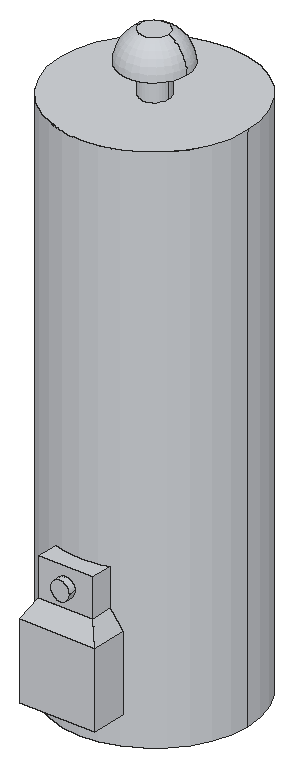
Revit family "619658830c0f4616b333bd44c138f1b0", category Mechanical Equipment, Revit 2021
Family settings
  Round Connector Dimension = Use Radius
  Part Type = Normal
  OmniClass Number = 23.65.35.11.11
  OmniClass Title = Storage Water Heaters
  Seek Item ID = Water Heater-0000-USA-ENU
  Work Plane-Based = No
  Always vertical = Yes
  Cut with Voids When Loaded = No
  Shared = No
  Room Calculation Point = No
Parameters (values of type "40 Gallon")
  Water Heater Radius = 0' - 10"
  Water Heater Material = none
  Water Heater Height = 4' - 9"
  Sanitary Radius = 1/4"
  Sanitary Diameter = Sanitary Radius * 2  # 1/2"
  Voltage = 240 V
  Vent Radius = 1 1/2"
  Vent Diameter = Vent Radius * 2  # 3"
  Number of Poles = 2
  Load Classification = Appliance - Dwelling Unit
  Hot Water Radius = 3/8"
  Hot Water Diameter = Hot Water Radius * 2  # 3/4"
  Default Elevation = 0' - 0"
  Cold Water Radius = 3/8"
  Cold Water Diameter = Cold Water Radius * 2  # 3/4"
  Apparent Load = 4500 VA
Types (5): name | Water Heater Radius | Water Heater Height | Vent Radius | Vent Diameter | Hot Water Radius | Hot Water Diameter | Cold Water Radius | Cold Water Diameter
  (no name) | 0' - 10" | 4' - 9" | 1 1/2" | 3" | 3/8" | 3/4" | 3/8" | 3/4"
  40 Gallon | 0' - 10" | 4' - 9" | 1 1/2" | 3" | 3/8" | 3/4" | 3/8" | 3/4"
  50 Gallon | 0' - 11" | 4' - 9 3/4" | 1 1/2" | 3" | 3/8" | 3/4" | 3/8" | 3/4"
  75 Gallon | 1' - 0 3/4" | 4' - 10 3/4" | 2" | 4" | 1/2" | 1" | 1/2" | 1"
  100 Gallon | 1' - 1 1/4" | 5' - 6 3/4" | 2" | 4" | 5/8" | 1 1/4" | 5/8" | 1 1/4"
Reference planes (in)
  plane 1 "Center (Front/Back)": y = 0
  plane 2: z = 0
  plane 3 "Center (Left/Right)": x = 0
  plane 4: z = 57
  plane 5: z = 60
  plane 6: z = 3
  plane 7: z = 11
  plane 8: z = 13
  plane 9: z = 17
  plane 10: x = -4
  plane 11: x = 4
  plane 12: y = -10
  plane 13: y = -12.90625
  plane 14: x = -2.875
  plane 15: x = 2.875
  plane 16: y = -11.84375
  plane 17: z = 15
  plane 18: y = -12.59375
  plane 19: x = -10
  plane 20: x = 10
  plane 21: x = -6
  plane 22: x = 6
  plane 23: x = 1.5
  plane 24: x = -1.5
  plane 25: z = 63.16228
Forms (in)
  Extrusion 1, solid, material <- "Water Heater Material"
    sketch origin (0, 0, 0) x (1, 0, 0) y (0, 1, 0)
      loop
        circle (0, 0) r 10
    from 0 to 57
  Extrusion 2, solid, material <- "Water Heater Material"
    sketch origin (32.60646, 0, 63.5) x (1, 0, 0) y (0, 1, 0)
      loop
        circle (-32.60646, 0) r 1.5
    from -6.5 to -0.33772
  Extrusion 3, solid, material <- "Water Heater Material"
    sketch origin (32.60646, 0, 63.5) x (1, 0, 0) y (0, 1, 0)
      loop
        line (-36.60646, -9.16515) -> (-36.60646, -12.90625) -> (-28.60646, -12.90625) -> (-28.60646, -9.16515)
        arc (-28.60646, -9.16515) -> (-32.60646, -10) -> (-36.60646, -9.16515) r 10
    from -60.5 to -52.5
  Extrusion 4, solid, material <- "Water Heater Material"
    sketch origin (32.60646, 0, 63.5) x (1, 0, 0) y (0, 1, 0)
      loop
        line (-35.48146, -9.57781) -> (-35.48146, -11.84375) -> (-29.73146, -11.84375) -> (-29.73146, -9.57781)
        arc (-29.73146, -9.57781) -> (-32.60646, -10) -> (-35.48146, -9.57781) r 10
    from -50.5 to -46.5
  Blend 5, solid, material <- "Water Heater Material"
    base sketch origin (32.60646, 0, 63.5) x (1, 0, 0) y (0, 1, 0)
      loop
        line (-35.48146, -9.57781) -> (-35.48146, -11.84375) -> (-29.73146, -11.84375) -> (-29.73146, -9.57781)
        arc (-29.73146, -9.57781) -> (-32.60646, -10) -> (-35.48146, -9.57781) r 10
    top sketch origin (32.60646, 0, 63.5) x (1, 0, 0) y (0, 1, 0)
      loop
        line (-36.60646, -9.16515) -> (-36.60646, -12.90625) -> (-28.60646, -12.90625) -> (-28.60646, -9.16515)
        arc (-28.60646, -9.16515) -> (-32.60646, -10) -> (-36.60646, -9.16515) r 10
    from -50.5 to -52.5
  Extrusion 6, solid, material <- "Water Heater Material"
    sketch origin (0, 0, 0) x (1, 0, 0) y (0, 0, 1)
      loop
        circle (0, 15) r 1
    from 12.59375 to 11.84375
  Revolve 7, solid, material <- "Water Heater Material"
    sketch origin (0, 0, 0) x (1, 0, 0) y (0, 0, 1)
      loop
        arc (3.5, 60) -> (2.95804, 61.87083) -> (1.5, 63.16228) r 3.5
        line (1.5, 63.16228) -> (1.5, 60) -> (3.5, 60)
      axis (0, 63.16228) -> (0, 60)
    angle from 0 to 360
  Extrusion 8, solid, material <- "Water Heater Material"
    sketch origin (15.29996, 0, 63.5) x (1, 0, 0) y (0, 1, 0)
      loop
        circle (-21.29996, 0) r 0.5
    from -7.58256 to -6.5
  Extrusion 9, solid, material <- "Water Heater Material"
    sketch origin (-15.29996, 0, 63.5) x (-1, 0, 0) y (0, -1, 0)
      loop
        circle (-21.29996, 0) r 0.5
    from -7.58256 to -6.5
  Extrusion 10, solid, material <- "Water Heater Material"
    sketch origin (15.29996, 0, 63.5) x (1, 0, 0) y (0, 1, 0)
      loop
        circle (-15.29996, 0) r 0.25
    from -1 to -0.33772
Cuts and joins
  joined: Extrusion 2, Extrusion 3, Extrusion 4, Extrusion 6, Revolve 7, Extrusion 10
  joined: Extrusion 1, Extrusion 8, Extrusion 9
Lines and regions (in)
  symbolic lines
    curve 1: circle (0, 0, 63.5) r 10 normal (0, 0, 1)
  symbolic lines, detail levels fine
    curve 2: circle (0, 0, 63.5) r 1.5 normal (0, 0, 1)
    curve 3: circle (0, 0, 63.5) r 3.5 normal (0, 0, 1)
    curve 4: line (-4, -9.16515, 63.5) -> (-4, -12.90625, 63.5)
    curve 5: line (-4, -12.90625, 63.5) -> (4, -12.90625, 63.5)
    curve 6: line (4, -12.90625, 63.5) -> (4, -9.16515, 63.5)
    curve 7: line (2.875, -9.57781, 63.5) -> (2.875, -11.84375, 63.5)
    curve 8: line (2.875, -11.84375, 63.5) -> (-2.875, -11.84375, 63.5)
    curve 9: line (-2.875, -11.84375, 63.5) -> (-2.875, -9.57781, 63.5)
    curve 10: line (-2.875, -11.84375, 63.5) -> (-3.93566, -12.90441, 63.5)
    curve 11: line (2.875, -11.84375, 63.5) -> (3.9375, -12.90625, 63.5)
    curve 12: line (-1, -12.59375, 63.5) -> (1, -12.59375, 63.5)
    curve 13: line (1, -12.59375, 63.5) -> (1, -11.84375, 63.5)
    curve 14: line (-1, -12.59375, 63.5) -> (-1, -11.84375, 63.5)
Dimensions and locks (in)
  "Water Heater Height": plane 4 to plane 2
  plane 5 to plane 4 = 0' - 3"
  locked: plane 2 to plane 6 at 3
  plane 6 to plane 7 = 0' - 8"
  locked: plane 7 to plane 8 at 2
  locked: plane 8 to plane 9 at 4
  locked: plane 10 to plane 3 "Center (Left/Right)" at 4
  locked: plane 11 to plane 3 "Center (Left/Right)" at 4
  "Water Heater Radius": plane 12 to plane 1 "Center (Front/Back)"
  locked: plane 14 to plane 3 "Center (Left/Right)" at 2.875
  locked: plane 3 "Center (Left/Right)" to plane 15 at 2.875
  locked: plane 13 to plane 12 at 2.90625
  locked: plane 12 to plane 16 at 1.84375
  locked: plane 16 to plane 18 at 0.75
  "Water Heater Radius": plane 19 to plane 3 "Center (Left/Right)"
  "Water Heater Radius": plane 20 to plane 3 "Center (Left/Right)"
  locked: plane 19 to plane 21 at 4
  locked: plane 22 to plane 20 at 4
  locked: plane 5 to plane 25 at 3.16228
  "Water Heater Radius": radius of Extrusion 1 sketch curve
  "Water Heater Radius": radius of Extrusion 3 sketch curve
  "Water Heater Radius": radius of Extrusion 4 sketch curve
  "Water Heater Radius": radius of Blend 5 sketch curve  (x2)
  "Water Heater Radius": radius of curve 1
  radius of curve 2 = 0' - 1 1/2"
  radius of curve 3 = 0' - 3 1/2"
  aligned and locked: plane 4 to Extrusion 1
  aligned and locked: Extrusion 2 to plane 4
  aligned and locked: plane 3 "Center (Left/Right)" to Extrusion 2 sketch curve
  aligned and locked: plane 1 "Center (Front/Back)" to Extrusion 2 sketch curve
  aligned and locked: plane 1 "Center (Front/Back)" to Extrusion 3 sketch curve
  aligned and locked: plane 3 "Center (Left/Right)" to Extrusion 3 sketch curve
  aligned and locked: Extrusion 3 sketch curve to plane 13
  aligned and locked: plane 11 to Extrusion 3 sketch curve
  aligned and locked: Extrusion 3 sketch curve to plane 10
  aligned and locked: Extrusion 3 to plane 6
  aligned and locked: plane 7 to Extrusion 3
  aligned and locked: Extrusion 4 sketch curve to plane 14
  aligned and locked: plane 15 to Extrusion 4 sketch curve  (x2)
  aligned and locked: Extrusion 4 sketch curve to plane 16
  aligned and locked: Extrusion 4 to plane 8
  aligned and locked: plane 9 to Extrusion 4
  aligned and locked: plane 15 to Blend 5 sketch curve  (x2)
  aligned and locked: plane 14 to Blend 5 sketch curve
  aligned and locked: plane 3 "Center (Left/Right)" to Blend 5 sketch curve  (x2)
  aligned and locked: plane 1 "Center (Front/Back)" to Blend 5 sketch curve  (x2)
  aligned and locked: Blend 5 sketch curve to plane 16
  aligned and locked: plane 11 to Blend 5 sketch curve  (x2)
  aligned and locked: Blend 5 sketch curve to plane 13
  aligned and locked: Blend 5 to plane 8
  aligned and locked: Blend 5 to plane 7
  aligned and locked: Extrusion 6 to plane 18
  aligned and locked: plane 16 to Extrusion 6
  aligned and locked: plane 25 to Extrusion 2
  aligned and locked: plane 3 "Center (Left/Right)" to Revolve 7 sketch curve
  aligned and locked: plane 5 to Revolve 7 sketch curve  (x3)
  aligned and locked: plane 23 to Revolve 7 sketch curve
  aligned and locked: plane 10 to Blend 5 sketch curve
  aligned and locked: plane 3 "Center (Left/Right)" to curve 1
  aligned and locked: plane 1 "Center (Front/Back)" to curve 1
  aligned and locked: plane 3 "Center (Left/Right)" to curve 2
  aligned and locked: plane 1 "Center (Front/Back)" to curve 2
  aligned and locked: plane 3 "Center (Left/Right)" to curve 3
  aligned and locked: plane 1 "Center (Front/Back)" to curve 3
  aligned and locked: cut or joined group of Extrusion 2, Extrusion 3, Extrusion 4, Extrusion 6, Revolve 7, Extrusion 10 to plane 10
  aligned and locked: cut or joined group of Extrusion 2, Extrusion 3, Extrusion 4, Extrusion 6, Revolve 7, Extrusion 10 to plane 13
  aligned and locked: plane 15 to cut or joined group of Extrusion 2, Extrusion 3, Extrusion 4, Extrusion 6, Revolve 7, Extrusion 10
  aligned and locked: plane 11 to cut or joined group of Extrusion 2, Extrusion 3, Extrusion 4, Extrusion 6, Revolve 7, Extrusion 10
  aligned and locked: plane 13 to curve 11
  aligned and locked: plane 16 to curve 11
  aligned and locked: cut or joined group of Extrusion 2, Extrusion 3, Extrusion 4, Extrusion 6, Revolve 7, Extrusion 10 to plane 16
  aligned and locked: plane 15 to curve 7
  aligned and locked: plane 14 to curve 9
  aligned and locked: plane 21 to Extrusion 8 sketch curve
  aligned and locked: plane 1 "Center (Front/Back)" to Extrusion 8 sketch curve
  aligned and locked: Extrusion 1 to Extrusion 8
  aligned and locked: plane 3 "Center (Left/Right)" to Extrusion 10 sketch curve
  aligned and locked: plane 1 "Center (Front/Back)" to Extrusion 10 sketch curve
  aligned and locked: plane 4 to Extrusion 9
  aligned and locked: plane 25 to Extrusion 10
Automatic sketch dimensions
  Extrusion 1 sketch curve to plane 1 "Center (Front/Back)" = 0' - 0"
  Extrusion 1 sketch curve to plane 3 "Center (Left/Right)" = 0' - 0"
  curve 4 to plane 10 = 0' - 0"
  curve 14 to plane 18 = 0' - 0"
  curve 6 to plane 11 = 0' - 0"
  curve 6 to plane 13 = 0' - 0"
  plane 13 to curve 10 = 0' - 0.00184"
  plane 10 to curve 10 = 0' - 0.06434"
  curve 14 to plane 24 = 0' - 0 1/2"
  plane 23 to curve 13 = 0' - 0 1/2"
  curve 11 to plane 11 = 0' - 0 1/16"
  Extrusion 4 sketch curve to plane 1 "Center (Front/Back)" = 0' - 0"
  Extrusion 4 sketch curve to plane 3 "Center (Left/Right)" = 0' - 0"
  Extrusion 6 sketch curve to plane 3 "Center (Left/Right)" = 0' - 0"
  Extrusion 6 sketch curve to plane 17 = 0' - 0"
  Revolve 7 sketch curve to plane 3 "Center (Left/Right)" = 0' - 0"
  Revolve 7 sketch curve to plane 5 = 0' - 0"
  Revolve 7 sketch curve to plane 25 = 0' - 0"  (x2)
  Extrusion 9 sketch curve to plane 1 "Center (Front/Back)" = 0' - 0"
  Extrusion 9 sketch curve to plane 22 = 0' - 0"
  radius of Extrusion 2 sketch curve = 0' - 1 1/2"
  radius of Extrusion 6 sketch curve = 0' - 1"
  radius of Extrusion 8 sketch curve = 0' - 0 1/2"
  radius of Extrusion 9 sketch curve = 0' - 0 1/2"
  radius of Extrusion 10 sketch curve = 0' - 0 1/4"
Connectors (in)
  piping at (6, 0, 57), diameter 0.75, driven by "Cold Water Radius"
    settings: on Extrusion 9, index 1, connector inside diameter 3/4", connector length 0' - 0", flow factor 0, pipe flow 0.000 GPM, pressure drop 0.00 psi, fitting loss kfactor 0, connector angle 0.00°, fixture units 0, engagement length 0' - 0", angle of deflection 0.00°, flow configuration 1, flow direction 1, fitting loss method 0, system type 20, joint type 0, gender type 0, connector reference index 2, connector utility 0, adjustable connector no, is connector primary yes, connector description "In"
  piping at (-6, 0, 57), diameter 0.75, driven by "Hot Water Radius"
    settings: on Extrusion 8, index 2, connector inside diameter 3/4", connector length 0' - 0", flow factor 0, pipe flow 0.000 GPM, pressure drop 0.00 psi, fitting loss kfactor 0, connector angle 0.00°, fixture units 0, engagement length 0' - 0", angle of deflection 0.00°, flow configuration 0, flow direction 2, fitting loss method 0, system type 19, joint type 0, gender type 0, connector reference index 1, connector utility 0, adjustable connector no, is connector primary no, connector description "Out"
  piping at (-2.875, -10.71078, 15), diameter 0.5, driven by "Sanitary Radius"
    settings: on cut or joined group of Extrusion 2, Extrusion 3, Extrusion 4, Extrusion 6, Revolve 7, Extrusion 10, index 3, connector inside diameter 1/2", connector length 0' - 0", flow factor 0, pipe flow 0.000 GPM, pressure drop 0.00 psi, fitting loss kfactor 0, connector angle 0.00°, fixture units 0, engagement length 0' - 0", angle of deflection 0.00°, flow configuration 1, flow direction 2, fitting loss method 0, system type 16, joint type 0, gender type 0, connector reference index -1, connector utility 0, adjustable connector yes, is connector primary no, connector description "Out"
  hvac at (0, 0, 63.16228), driven by "Vent Radius"
    settings: on Extrusion 10, index 4, duct flow 0 CFM, flow factor 0, pres drop 0.00 in-wg, loss coef 0, conn angle 0.00°, conn width 12", conn height 12", conn diameter 3", duct sys type 3, conn prof type 0, flow config 1, flow direction 2, loss method 0, conn ref index -1, conn util no, is conn primary yes, conn desc ""
  electrical at (2.875, -10.71078, 15), driven by "Apparent Load", driven by "Voltage", driven by "Number of Poles", driven by "Load Classification"
    settings: on cut or joined group of Extrusion 2, Extrusion 3, Extrusion 4, Extrusion 6, Revolve 7, Extrusion 10, index 5, voltage 240 V, apparent load 4500 VA, apparent load phase1 0 VA, apparent load phase2 0 VA, apparent load phase3 0 VA, power factor 0.8, load classification "Appliance - Dwelling Unit", number of poles 2, system type 30, power factor state 1, is connector primary yes, connector utility no, sub classification motor no, connector description ""
